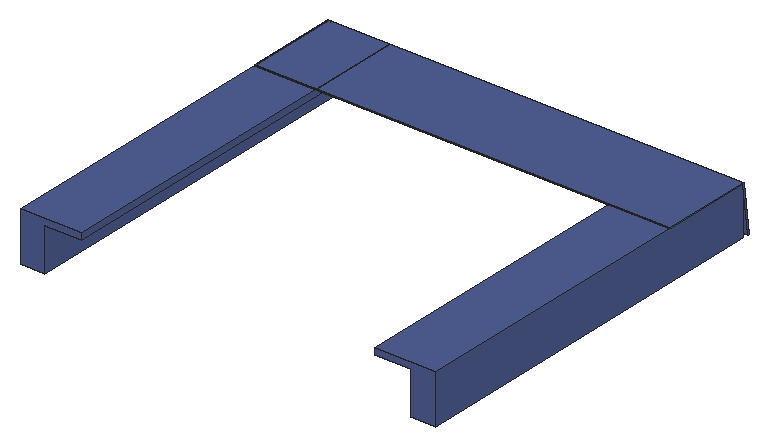
Revit family "SM882", category Generic Models, Revit 2023
Family settings
  Can host rebar = No
  Round Connector Dimension = Use Diameter
  Part Type = Normal
  OmniClass Number = 23.50.70.00
  OmniClass Title = Loading Dock Equipment
  Work Plane-Based = Yes
  Always vertical = No
  Cut with Voids When Loaded = No
  Maintain Annotation Orientation = No
  Shared = No
  Room Calculation Point = No
Parameters
  offset [instance] = 0' - 10 3/4"
  Warranty Duration (Years) = 0
  Vertical Strip [instance] = no
  Unit Width [instance] = 11' - 4"
  Unit Height [instance] = 10' - 6"
  Unit Depth_Base [instance] = 1' - 4"
  Unit Depth = 1' - 4"
  URL = ""
  Strip Length [instance] = if(Full Height Strip, Clear Height, 2' 0")  # 2' - 0"
  Specification = ""
  SpecWizard = ""
  Send Message = ""
  Sales Information = "www.wayne-dalton.com"
  Revision = "R1_07-2011"
  Protective Flap Type [instance] = Seal Flaps : None
  Product Properties = ""
  Product Data = "www.wayne-dalton.com"
  Pad Width = 0' - 8"
  Pad Face Width_Vertical [instance] = (Unit Width - Clear Width) / 2  # 1' - 8"
  Drop [instance] = Unit Height - Clear Height  # 2' - 6"
  Model = "As Specified"
  Material = Plastic - Vinyl - Blue
  Manufacturer Website = "www.wayne-dalton.com"
  Manufacturer Phone - Toll Free = "1-855-493-3667"
  Manufacturer Phone = ""
  Manufacturer Fax = ""
  Manufacturer Address = ""
  Manufacturer = ""
  Maintenance Schedule (Months) = 0
  Keynote = ""
  Installation-Fabrication = ""
  Installation Phase = ""
  Green Building-LEED = ""
  Galvanized Steel Canopy [instance] = no
  Full Height Strip [instance] = no
  Expected Lifespan (Years) = 0
  Drawn By = ""
  Description = ""
  Default Elevation = 4' - 0"
  Copyright = ""
  Construction Details = "www.wayne-dalton.com"
  Clear Width [instance] = 8' - 0"
  Clear Height [instance] = 8' - 0"
  Assembly Code = ""
Reference planes (in)
  plane 1 "Center (Front/Back)": y = 0
  plane 2 "Bottom": z = 0
  plane 3 "Center (Left/Right)": x = 0
  plane 4 "Front": y = -63
  plane 5 "Back": y = 63
  plane 6 "Left": x = -68
  plane 7 "Right": x = 68
  plane 8 "Top": z = 16
  plane 9: x = -48
  plane 10: x = 48
  plane 11: y = 33
  plane 12: z = 16
  plane 13: y = -63
  plane 14: x = -58
  plane 15: x = 58
  plane 16: y = -15
  plane 17: x = -60
  plane 18: x = 60
Forms (in)
  Blend 1, solid, material "Plastic - Vinyl - Blue" <- "Material"
    base sketch origin (0, -63, 22.94543) x (0, 0, 1) y (-1, 0, 0)
      loop
        line (-6.94543, 60) -> (-6.94543, 68) -> (-22.94543, 68) -> (-22.94543, 60) -> (-6.94543, 60)
    top sketch origin (0, -63, 22.94543) x (0, 0, 1) y (-1, 0, 0)
      loop
        line (-6.94543, 60) -> (-6.94543, 68) -> (-22.94543, 68) -> (-22.94543, 60) -> (-6.94543, 60)
    from 0 to -126
  Blend 2, solid, material "Plastic - Vinyl - Blue" <- "Material"
    base sketch origin (0, -63, 22.94543) x (0, 0, 1) y (-1, 0, 0)
      loop
        line (-8.94543, -68) -> (-6.94543, -68) -> (-6.94543, -48) -> (-8.94543, -48) -> (-8.94543, -68)
    top sketch origin (0, -63, 22.94543) x (0, 0, 1) y (-1, 0, 0)
      loop
        line (-8.94543, -68) -> (-6.94543, -68) -> (-6.94543, -48) -> (-8.94543, -48) -> (-8.94543, -68)
    from 0 to -126
  Sweep 3, solid, material "Plastic - Vinyl - Super Seal - Yellow", visible <- "Vertical Strip"
    path origin (-58, 53.619, 48) x (0, 1, 0) y (0, 0, 1)
      loop
        line (-92.619, -32) -> (-116.619, -32)
    profile origin (-58, -51, 16) x (0, 0, -1) y (1, 0, 0)
      loop
        line (0, -2) -> (0, 2) -> (-0.0625, 2) -> (-0.0625, -2) -> (0, -2)
  Sweep 4, solid, material "Plastic - Vinyl - Super Seal - Yellow", visible <- "Vertical Strip"
    path origin (58, 53.619, 48) x (0, 1, 0) y (0, 0, 1)
      loop
        line (-92.619, -32) -> (-116.619, -32)
    profile origin (58, -51, 16) x (0, 0, -1) y (1, 0, 0)
      loop
        line (0, -2) -> (0, 2) -> (-0.06267, 2) -> (-0.06267, -2) -> (0, -2)
  Extrusion 5, solid, material "Metal - Steel - Super Seal - Galvanized", visible <- "Galvanized Steel Canopy"
    sketch origin (-68, 16.34522, 48) x (0, 1, 0) y (0, 0, 1)
      loop
        line (46.65478, -32) -> (46.65478, -48) -> (48.91525, -48) -> (46.86525, -31.75) -> (45.65478, -31.75) -> (45.65478, -32) -> (46.65478, -32)
    from 0 to 136
  Extrusion 6, solid, material "Plastic - Vinyl - Blue" <- "Material"
    sketch origin (-68, 16.34522, 48) x (0, 1, 0) y (0, 0, 1)
      loop
        line (46.76277, -31.86384) -> (16.65478, -31.86384) -> (16.65478, -48) -> (48.78777, -48) -> (46.76277, -31.86384)
    from 0 to -0.125
  Sweep 7, solid, material "Plastic - Vinyl - Blue" <- "Material"
    path in 3D
      loop
        line (-68.125, 33, 16.13616) -> (-68.125, 63.10799, 16.13616) -> (-68.125, 65.13299, 0)
    profile origin (-68.125, 48.05399, 16.13616) x (0, 0, -1) y (-1, 0, 0)
      loop
        line (0, 0) -> (0, -136.125) -> (0.125, -136.125) -> (0.125, 0) -> (0, 0)
  Blend 8, solid, material "Plastic - Vinyl - Blue" <- "Material"
    base sketch origin (0, -63, 22.94543) x (0, 0, 1) y (-1, 0, 0)
      loop
        line (-6.94543, 48) -> (-6.94543, 68) -> (-8.94543, 68) -> (-8.94543, 48) -> (-6.94543, 48)
    top sketch origin (0, -63, 22.94543) x (0, 0, 1) y (-1, 0, 0)
      loop
        line (-6.94543, 48) -> (-6.94543, 68) -> (-8.94543, 68) -> (-8.94543, 48) -> (-6.94543, 48)
    from 0 to -126
  Blend 9, solid, material "Plastic - Vinyl - Blue" <- "Material"
    base sketch origin (0, -63, 22.94543) x (0, 0, 1) y (-1, 0, 0)
      loop
        line (-22.94543, -68) -> (-6.94543, -68) -> (-6.94543, -60) -> (-22.94543, -60) -> (-22.94543, -68)
    top sketch origin (0, -63, 22.94543) x (0, 0, 1) y (-1, 0, 0)
      loop
        line (-22.94543, -68) -> (-6.94543, -68) -> (-6.94543, -60) -> (-22.94543, -60) -> (-22.94543, -68)
    from 0 to -126
Cuts and joins
  joined: Extrusion 6, Sweep 7
  joined: Blend 1, Blend 8
  joined: Blend 2, Blend 9
Lines and regions (in)
  reference lines
    curve 1: line (-58, 63, 16) -> (-58, -63, 16)
    curve 4: line (-58, 33, 16) -> (-74.25, 33, 16)
  sketch lines
    curve 2: line (-68.125, 33, 16.13616) -> (-68.125, 63.10799, 16.13616)
    curve 3: line (-68.125, 63.10799, 16.13616) -> (-68.125, 65.13299, 0)
Dimensions and locks (in)
  equal spacing: plane 6 "Left", plane 3 "Center (Left/Right)", plane 7 "Right"
  "Unit Width": plane 6 "Left" to plane 7 "Right"
  equal spacing: plane 5 "Back", plane 1 "Center (Front/Back)", plane 4 "Front"
  "Unit Height": plane 5 "Back" to plane 4 "Front"
  "Unit Depth": plane 8 "Top" to level
  equal spacing: plane 9, plane 3 "Center (Left/Right)", plane 10
  "Clear Width": plane 9 to plane 10
  "Clear Height": plane 11 to plane 4 "Front"
  "Unit Depth_Base": plane 12 to level
  locked: plane 4 "Front" to plane 13
  equal spacing: plane 10, plane 15, plane 7 "Right"
  equal spacing: plane 6 "Left", plane 14, plane 9
  "Strip Length": Sweep 3 sketch curve to Sweep 3 sketch curve
  equal spacing: plane 11, plane 16, plane 13
  "Strip Length": Sweep 4 sketch curve to Sweep 4 sketch curve
  locked: curve 1 to Extrusion 6 sketch curve at 0.13616
  "Drop": curve 1 to curve 4
  "Pad Width": plane 18 to plane 7 "Right"
  "Pad Width": plane 6 "Left" to plane 17
  locked: plane 12 to Blend 2 sketch curve at 2
  locked: plane 12 to Blend 8 sketch curve at 2
  curve 1 to Sweep 3 sketch curve = 0' - 0"
  locked: curve 1 to Sweep 4 sketch curve at 0
  aligned and locked: curve 1 to Sweep 3 sketch curve
  aligned and locked: curve 1 to Sweep 4 sketch curve
  aligned and locked: nested 2 to plane 15
  aligned and locked: nested 1 to plane 14
  aligned and locked: plane 5 "Back" to Blend 1
  aligned and locked: plane 5 "Back" to Blend 2
  aligned and locked: plane 7 "Right" to Extrusion 5
  aligned and locked: Sweep 7 sketch curve to plane 7 "Right"
Automatic sketch dimensions
  Sweep 3 sketch curve to profile plane = 0' - 0"
  Sweep 3 sketch curve to Sweep 3 sketch curve = 0' - 0 1/16"
  Sweep 3 sketch curve to plane 14 = 0' - 2"
  plane 14 to Sweep 3 sketch curve = 0' - 2"
  Sweep 4 sketch curve to profile plane = 0' - 0"
  Sweep 4 sketch curve to Sweep 4 sketch curve = 0' - 0.06267"
  Sweep 4 sketch curve to plane 15 = 0' - 2"
  plane 15 to Sweep 4 sketch curve = 0' - 2"
  curve 1 to plane 12 = 0' - 0"
  curve 1 to plane 13 = 0' - 0"
  curve 1 to plane 5 "Back" = 0' - 0"
  curve 1 to plane 8 "Top" = 0' - 0"
  Extrusion 6 sketch curve to level = 0' - 0"
  Extrusion 6 sketch curve to plane 11 = 0' - 0"
  plane 5 "Back" to Extrusion 6 sketch curve = 0' - 0.10799"
  plane 5 "Back" to Extrusion 6 sketch curve = 0' - 2.13299"
  Sweep 7 sketch curve to profile plane = 0' - 0"  (x2)
  Sweep 7 sketch curve to Sweep 7 sketch curve = 0' - 0 1/8"
  Extrusion 5 sketch curve to plane 8 "Top" = 0' - 0"
  Extrusion 5 sketch curve to level = 0' - 0"
  Extrusion 5 sketch curve to plane 5 "Back" = 0' - 0"
  plane 8 "Top" to Extrusion 5 sketch curve = 0' - 0 1/4"
  Extrusion 5 sketch curve to plane 5 "Back" = 0' - 1"
  plane 5 "Back" to Extrusion 5 sketch curve = 0' - 0.21047"
  plane 5 "Back" to Extrusion 5 sketch curve = 0' - 2.26047"
  Blend 1 sketch curve to plane 6 "Left" = 0' - 0"  (x2)
  Blend 1 sketch curve to level = 0' - 0"  (x2)
  Blend 2 sketch curve to plane 10 = 0' - 0"  (x2)
  Blend 2 sketch curve to plane 7 "Right" = 0' - 0"  (x2)
  Blend 2 sketch curve to plane 12 = 0' - 0"
  Blend 2 sketch curve to plane 8 "Top" = 0' - 0"
  Blend 2 sketch curve to plane 8 "Top" = 0' - 2"
  Blend 8 sketch curve to plane 9 = 0' - 0"  (x2)
  Blend 8 sketch curve to plane 12 = 0' - 0"
  Blend 8 sketch curve to plane 6 "Left" = 0' - 0"  (x2)
  Blend 8 sketch curve to plane 8 "Top" = 0' - 0"
  Blend 8 sketch curve to Blend 8 sketch curve = 0' - 2"
  Blend 1 sketch curve to plane 12 = 0' - 0"
  Blend 1 sketch curve to plane 17 = 0' - 0"  (x2)
  Blend 1 sketch curve to plane 8 "Top" = 0' - 0"
  Blend 9 sketch curve to level = 0' - 0"  (x2)
  Blend 9 sketch curve to plane 7 "Right" = 0' - 0"  (x2)
  Blend 9 sketch curve to plane 12 = 0' - 0"
  Blend 9 sketch curve to plane 8 "Top" = 0' - 0"
  Blend 9 sketch curve to plane 18 = 0' - 0"  (x2)
  curve 4 to curve 1 = 0' - 0"
  curve 1 to curve 4 = 1' - 4 1/4"
Nested families (in)
  nested 1: "Seal Flaps" at (-58, -15, 16), Material <- "Material", Unit Width <- "Pad Face Width_Vertical", Unit Height <- "Clear Height", type <- "Protective Flap Type", Striped <- "Vertical Strip", type "None"
    with offset 0' - 0", Unit Width 1' - 8", Unit Height 8' - 0", Striped no, Stripe Material Plastic - Vinyl - Super Seal - Yellow, Material Plastic - Vinyl - Blue, Flaps 6
  nested 2: "Seal Flaps" at (58, -15, 16), Material <- "Material", Unit Width <- "Pad Face Width_Vertical", Unit Height <- "Clear Height", type <- "Protective Flap Type", Striped <- "Vertical Strip", type "None"
    with offset 0' - 0", Unit Width 1' - 8", Unit Height 8' - 0", Striped no, Stripe Material Plastic - Vinyl - Super Seal - Yellow, Material Plastic - Vinyl - Blue, Flaps 6
Definition of nested family "Seal Flaps"
  Parameters
    offset [instance] = 0' - 0"
    Warranty Duration (Years) = 0
    Unit Width [instance] = 1' - 0"
    Unit Height [instance] = 6' - 0"
    Unit Depth = 0' - 4"
    URL = "http://www.supersealmfg.com/"
    Striped [instance] = yes
    Stripe Material [instance] = none
    Specification = ""
    SpecWizard = ""
    Send Message = "http://www.arcat.com/users.pl?action=UserEmail&company=Super-Seal%20Mfg.%20Ltd&coid=44693&rep=119&fax=905-850-4440 &mf="
    Sales Information = "http://www.supersealmfg.com/ContactUs.htm"
    Revision = "R1_07-2011"
    Product Properties = ""
    Product Data = "http://arcat.com/arcatcos/cos44/arc44693.html?isac=1&r=1"
    Model = "As Specified"
    Material [instance] = none
    Manufacturer Website = "http://www.supersealmfg.com/"
    Manufacturer Phone - Toll Free = "800-337-3239 "
    Manufacturer Phone = "800-337-3239 "
    Manufacturer Fax = "905-850-4440 "
    Manufacturer Address = "670 Rowntree Dairy Rd. Woodbridge , ON, Canada L4L-5T8"
    Manufacturer = "Super-Seal Mfg. Ltd"
    Maintenance Schedule (Months) = 0
    Keynote = ""
    Installation-Fabrication = ""
    Installation Phase = ""
    Green Building-LEED = ""
    Flaps Visible = no
    Flaps [instance] = (Unit Height - 0' 1") / Exposure  # 4
    Exposure = 1' - 4"
    Expected Lifespan (Years) = 0
    Drawn By = "Sumex Design, Inc. / Robert S. Weygant, CSI, CDT, SCIP"
    Description = "Super Seal"
    Default Elevation = 4' - 0"
    Copyright = "©Arcat Inc."
    Construction Details = "http://arcat.com/details/supersea/supersea.html?coid=44693"
    Assembly Code = ""
  Reference planes (in)
    plane 1 "Center (Front/Back)": y = 0
    plane 2 "Bottom": z = 0
    plane 3 "Center (Left/Right)": x = 0
    plane 4 "Front": y = -36
    plane 5 "Back": y = 36
    plane 6 "Left": x = -6
    plane 7 "Right": x = 6
    plane 8 "Top": z = 4
  Dimensions and locks (in)
    equal spacing: plane 6 "Left", plane 3 "Center (Left/Right)", plane 7 "Right"
    "Unit Width": plane 6 "Left" to plane 7 "Right"
    equal spacing: plane 5 "Back", plane 1 "Center (Front/Back)", plane 4 "Front"
    "Unit Height": plane 5 "Back" to plane 4 "Front"
    "Unit Depth": plane 8 "Top" to level
    equal spacing: group 1, group 2, group 3, group 4  (x2)
    equal spacing: group 4, group 3, group 2, group 1
    "Exposure": plane 5 "Back" to nested 2
    aligned and locked: plane 5 "Back" to nested 1
    aligned and locked: plane 3 "Center (Left/Right)" to nested 1
    aligned and locked: plane 3 "Center (Left/Right)" to nested 2
  Nested families (in)
    nested 1: "Seal Flap" at (0, 27, 0), Unit Width <- "Unit Width", Unit Height <- "Exposure", Material <- "Material", visible <- "Flaps Visible", Stripe <- "Striped", Stripe Material <- "Stripe Material", type "Seal Flap"
      with offset 0' - 0", Unit Width 1' - 0", Unit Height 1' - 4", Unit Depth 0' - 0 1/4", Stripe Material none, Stripe yes, Material none
    nested 2: "Seal Flap" at (0, 11, 0), Unit Width <- "Unit Width", Unit Height <- "Exposure", Material <- "Material", visible <- "Flaps Visible", Stripe <- "Striped", Stripe Material <- "Stripe Material", type "Seal Flap"
      with offset 0' - 0", Unit Width 1' - 0", Unit Height 1' - 4", Unit Depth 0' - 0 1/4", Stripe Material none, Stripe yes, Material none
    nested 3: "Seal Flap" at (0, -5, 0), Unit Width <- "Unit Width", Unit Height <- "Exposure", Material <- "Material", visible <- "Flaps Visible", Stripe <- "Striped", Stripe Material <- "Stripe Material", type "Seal Flap"
      with offset 0' - 0", Unit Width 1' - 0", Unit Height 1' - 4", Unit Depth 0' - 0 1/4", Stripe Material none, Stripe yes, Material none
    nested 4: "Seal Flap" at (0, -21, 0), Unit Width <- "Unit Width", Unit Height <- "Exposure", Material <- "Material", visible <- "Flaps Visible", Stripe <- "Striped", Stripe Material <- "Stripe Material", type "Seal Flap"
      with offset 0' - 0", Unit Width 1' - 0", Unit Height 1' - 4", Unit Depth 0' - 0 1/4", Stripe Material none, Stripe yes, Material none
  Definition of nested family "Seal Flap"
    Parameters
      offset [instance] = 0' - 0"
      Warranty Duration (Years) = 0
      Unit Width [instance] = 1' - 0"
      Unit Height [instance] = 0' - 4"
      Unit Depth [instance] = 0' - 0 1/4"  # constant formula
      URL = "http://www.supersealmfg.com/"
      Stripe Material [instance] = none
      Stripe [instance] = yes
      Specification = ""
      SpecWizard = ""
      Send Message = "http://www.arcat.com/users.pl?action=UserEmail&company=Super-Seal%20Mfg.%20Ltd&coid=44693&rep=119&fax=905-850-4440 &mf="
      Sales Information = "http://www.supersealmfg.com/ContactUs.htm"
      Revision = "R1_07-2011"
      Product Properties = ""
      Product Data = "http://arcat.com/arcatcos/cos44/arc44693.html?isac=1&r=1"
      Model = "As Specified"
      Material [instance] = none
      Manufacturer Website = "http://www.supersealmfg.com/"
      Manufacturer Phone - Toll Free = "800-337-3239 "
      Manufacturer Phone = "800-337-3239 "
      Manufacturer Fax = "905-850-4440 "
      Manufacturer Address = "670 Rowntree Dairy Rd. Woodbridge , ON, Canada L4L-5T8"
      Manufacturer = "Super-Seal Mfg. Ltd"
      Maintenance Schedule (Months) = 0
      Keynote = ""
      Installation-Fabrication = ""
      Installation Phase = ""
      Green Building-LEED = ""
      Expected Lifespan (Years) = 0
      Drawn By = "Sumex Design, Inc. / Robert S. Weygant, CSI, CDT, SCIP"
      Description = "Super Seal"
      Default Elevation = 0' - 0"
      Copyright = "©Arcat Inc."
      Construction Details = "http://arcat.com/details/supersea/supersea.html?coid=44693"
      Assembly Code = ""
    Reference planes (in)
      plane 1 "Center (Front/Back)": y = 0
      plane 2 "Bottom": z = 0
      plane 3 "Center (Left/Right)": x = 0
      plane 4 "Front": y = -2
      plane 5 "Back": y = 2
      plane 6 "Left": x = -6
      plane 7 "Right": x = 6
      plane 8 "Top": z = 0.25
    Forms (in)
      Sweep 1, solid, material <- "Material"
        path origin (0, 0, 0) x (0, 1, 0) y (0, 0, 1)
          loop
            line (-2, 0.25) -> (2, 0) -> (3, 0)
        profile origin (0, 0, 0.125) x (0, 0.062378, 0.998053) y (1, 0, 0)
          loop
            line (0, -6) -> (0.125, -6) -> (0.125, 6) -> (0, 6) -> (0, -6)
      Sweep 2, solid, material <- "Stripe Material", visible <- "Stripe"
        path origin (0, 0, 0) x (0, 1, 0) y (0, 0, 1)
          loop
            line (-2, 0.25) -> (2, 0) -> (3, 0)
        profile origin (0, 0, 0.125) x (0, 0.062378, 0.998053) y (1, 0, 0)
          loop
            line (0.1875, -2) -> (0.1875, 2) -> (0.125, 2) -> (0.125, -2) -> (0.1875, -2)
    Dimensions and locks (in)
      equal spacing: plane 6 "Left", plane 3 "Center (Left/Right)", plane 7 "Right"
      "Unit Width": plane 6 "Left" to plane 7 "Right"
      equal spacing: plane 5 "Back", plane 1 "Center (Front/Back)", plane 4 "Front"
      "Unit Height": plane 5 "Back" to plane 4 "Front"
      "Unit Depth": plane 8 "Top" to level
      aligned and locked: plane 7 "Right" to Sweep 1 sketch curve
      aligned and locked: Sweep 1 sketch curve to plane 6 "Left"
    Automatic sketch dimensions
      Sweep 1 sketch curve to plane 4 "Front" = 0' - 0"
      Sweep 1 sketch curve to level = 0' - 0"
      Sweep 1 sketch curve to plane 5 "Back" = 0' - 0"
      Sweep 1 sketch curve to plane 8 "Top" = 0' - 0"
      plane 5 "Back" to Sweep 1 sketch curve = 0' - 1"
      Sweep 1 sketch curve to profile plane = 0' - 0"
      Sweep 1 sketch curve to profile plane = 0' - 0 1/8"
      Sweep 2 sketch curve to plane 4 "Front" = 0' - 0"
      Sweep 2 sketch curve to level = 0' - 0"
      Sweep 2 sketch curve to plane 5 "Back" = 0' - 0"
      Sweep 2 sketch curve to plane 8 "Top" = 0' - 0"
      Sweep 2 sketch curve to Sweep 2 sketch curve = 0' - 1"
      Sweep 2 sketch curve to profile plane = 0' - 0 1/8"
      Sweep 2 sketch curve to Sweep 2 sketch curve = 0' - 0 1/16"
      Sweep 2 sketch curve to plane 3 "Center (Left/Right)" = 0' - 2"
      plane 3 "Center (Left/Right)" to Sweep 2 sketch curve = 0' - 2"
